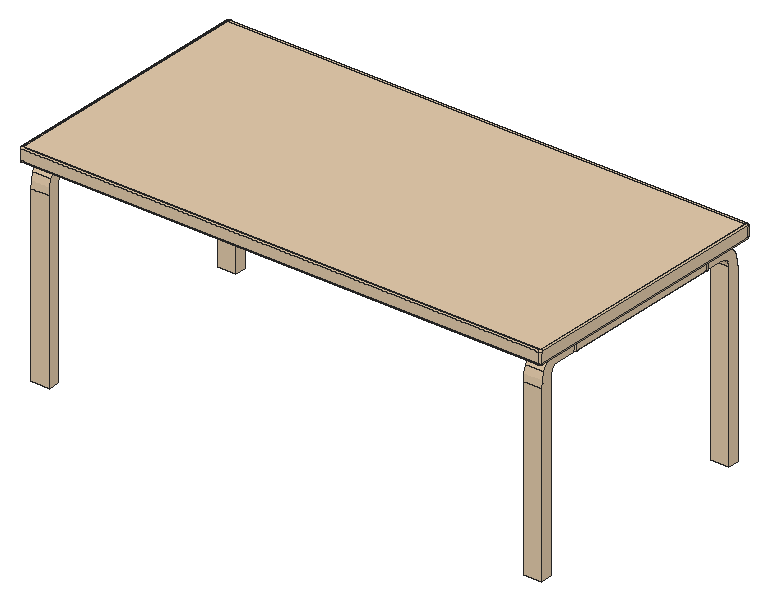
Revit family "Artek_Tables_Aalto Table rectangular_Aalto Table rectangular 83", category Furniture, Revit 2017
Family settings
  OmniClass Number = 23.40.20.14.17.11
  OmniClass Title = Dining Room Tables
  Work Plane-Based = No
  Always vertical = Yes
  Cut with Voids When Loaded = No
  Shared = No
  Room Calculation Point = No
Parameters (values of type "Aalto Table rectangular 83 Birch")
  WarrantyStartDate [instance] = "n/a"
  WarrantyGuarantorParts = "n/a"
  WarrantyGuarantorLabor = "n/a"
  WarrantyDurationUnit = "n/a"
  WarrantyDurationParts = "n/a"
  WarrantyDurationLabor = "n/a"
  WarrantyDescription = "n/a"
  VersionDate = "03/11/2020"  # constant formula
  Version = "1"  # constant formula
  Uniclass2015Reference = "Pr_40_50_21_22"
  Uniclass2015Description = "Dining tables"
  Uniclass2 = "Pr_40_50_21_21"
  URL = "https://www.artek.fi/en/products/aalto-table-rectangular"
  Type Comments = ""
  TagNumber [instance] = "n/a"
  TableSecondaryMaterial = Natural Birch
  TableMainMaterial = Natural Birch
  SustainabilityPerformance = "n/a"
  Style = "n/a"
  Size = "1820x740x910 mm "  # constant formula
  Shape = "Sculptured"
  SerialNumber [instance] = "n/a"
  Revision = "n/a"
  ReplacementCost = "n/a"
  ProductInformation = "n/a"
  NominalLength = 1820 mm
  NominalHeight = 740 mm
  NominalDepth = 910 mm
  Name = "Aalto Table rectangular 83\r\n"  # constant formula
  NBSReference = "45-35-86/327"
  NBSDescription = "Tables"
  ModelReference = "n/a"
  ModelNumber = "28300781"
  Material = "Wood"
  ManufacturerURL = "https://www.artek.fi/"
  ManufacturerName = "Artek"
  Model = "Aalto Table rectangular 83 Birch"
  Manufacturer = "Artek"
  MainColor = "Natural birch"
  InstallationDate [instance] = "n/a"
  IfcExportType = "TABLE"  # constant formula
  IfcExportAs = "IfcFurnishingElementType"  # constant formula
  Grade = "n/a"
  Finish = "n/a"
  Features = "n/a"
  ExpectedLife = "n/a"
  DurationUnit = "n/a"
  Designer = "Alvar Aalto"
  Cost = 0
  ConvergoRefNr = "0190-2009-0014-FI\t\t\r\n"  # constant formula
  Constituents = "n/a"
  Color = MainColor  # "Natural birch"
  CodePerformance = "n/a"
  Barcode [instance] = "n/a"
  AssetIdentifier [instance] = "n/a"
  Category = "Tables"
  Brand = "Artek"
  BIMObjectName = "Artek_Tables_Aalto Table rectangular_Aalto Table rectangular 83\r\n"  # constant formula
  Author = "Convergo AB"  # constant formula
  AssetType = "Movable"
  AccessibilityPerformance = "n/a"
Types (7, lengths in mm): name | TableSecondaryMaterial | TableMainMaterial | ModelNumber | Model | MainColor | Color
  (no name) | Natural Birch | Natural Birch | "28300781" | "Aalto Table rectangular 83 Birch" | "Natural birch" | "Natural birch"
  Aalto Table rectangular 83 Birch | Natural Birch | Natural Birch | "28300781" | "Aalto Table rectangular 83 Birch" | "Natural birch" | "Natural birch"
  Aalto Table rectangular 83 White laminate | Natural Birch | White Laminate | "28300782" | "Aalto Table rectangular 83 White laminate" | "Natural birch" | "Natural birch"
  Aalto Table rectangular 83 Black linoleum | Natural Birch | Black Linoleum | "28300783" | "Aalto Table rectangular 83 Black linoleum" | "Natural birch" | "Natural birch"
  Aalto Table rectangular 83 Linoleum black leg black | Black Linoleum | Black Linoleum | "28300784" | "Aalto Table rectangular 83 Linoleum black leg black" | "Black" | "Black"
  Aalto Table rectangular 83 White HPL leg white | White Laminate | White Laminate | "28300785" | "Aalto Table rectangular 83 White HPL leg white" | "White" | "White"
  Aalto Table rectangular 83 Walnut | Walnut | Walnut | "28300786" | "Aalto Table rectangular 83 Walnut" | "White" | "White"
Reference planes
  plane 1 "Center (Front/Back)": y = 0
  plane 2: z = 0
  plane 3 "Center (Left/Right)": x = 0
  plane 4: x = -910
  plane 5: x = 910
  plane 6: y = -455
  plane 7: y = 455
  plane 8: z = 740
Dimensions and locks
  equal spacing: plane 4, plane 3 "Center (Left/Right)", plane 5
  "NominalLength": plane 4 to plane 5
  equal spacing: plane 7, plane 1 "Center (Front/Back)", plane 6
  "NominalDepth": plane 7 to plane 6
  "NominalHeight": plane 8 to level
  aligned and locked: level to plane 2
Nested families
  nested 1: "83" at (0, 0, 0), Material 1 <- "TableMainMaterial", Material 2 <- "TableSecondaryMaterial", type "83"
    with Material 2 Natural Birch, Material 1 Natural Birch
Definition of nested family "83"
  Parameters (values of type "83")
    Material 2 [instance] = none
    Material 1 [instance] = none
  Reference planes
    plane 1 "Center (Front/Back)": y = 0
    plane 2: z = 0
    plane 3 "Center (Left/Right)": x = 0
    plane 4: x = -910
    plane 5: x = 910
    plane 6: z = 740
    plane 7: z = 693
    plane 8: y = 455
    plane 9: y = -455
  Forms (mm)
    Extrusion 1, solid, material <- "Material 2", detail levels medium+fine
      sketch origin (0, 0, 0) x (1, 0, 0) y (0, 1, 0)
        loop
          arc (-904, 455) -> (-908.243, 453.243) -> (-910, 449) r 6
          line (-910, 449) -> (-910, -449)
          arc (-910, -449) -> (-908.243, -453.243) -> (-904, -455) r 6
          line (-904, -455) -> (904, -455)
          arc (904, -455) -> (908.243, -453.243) -> (910, -449) r 6
          line (910, -449) -> (910, 449)
          arc (910, 449) -> (908.243, 453.243) -> (904, 455) r 6
          line (904, 455) -> (-904, 455)
        loop
          line (-904, 449) -> (-904, -449) -> (904, -449) -> (904, 449) -> (-904, 449)
      from 693 to 740
    Extrusion 2, solid, material <- "Material 1", detail levels coarse
      sketch origin (0, 0, 0) x (1, 0, 0) y (0, 1, 0)
        loop
          line (-910, 455) -> (-910, -455) -> (910, -455) -> (910, 455) -> (-910, 455)
      from 0 to 740
    Sweep 3, void
      path in 3D
        loop
          arc (-904, 455, 740) -> (-908.243, 453.243, 740) -> (-910, 449, 740) r 6
          line (-910, 449, 740) -> (-910, -449, 740)
          arc (-910, -449, 740) -> (-908.243, -453.243, 740) -> (-904, -455, 740) r 6
          line (-904, -455, 740) -> (904, -455, 740)
          arc (904, -455, 740) -> (908.243, -453.243, 740) -> (910, -449, 740) r 6
          line (910, -449, 740) -> (910, 449, 740)
          arc (910, 449, 740) -> (908.243, 453.243, 740) -> (904, 455, 740) r 6
          line (904, 455, 740) -> (-904, 455, 740)
      profile origin (0, 455, 740) x (0, -1, 0) y (0, 0, 1)
        loop
          line (0, 0) -> (0, -5)
          arc (0, -5) -> (1.464, -1.464) -> (5, 0) r 5
          line (5, 0) -> (0, 0)
        loop
          line (0, -47) -> (5, -47)
          arc (5, -47) -> (1.464, -45.536) -> (0, -42) r 5
          line (0, -42) -> (0, -47)
    Extrusion 4, solid, material <- "Material 2", detail levels medium+fine
      sketch origin (-854.5, 97, 0) x (0, 1, 0) y (0, 0, 1)
        loop
          line (183.1, 693) -> (183.1, 658) -> (261, 658)
          arc (261, 658) -> (282.213, 649.213) -> (291, 628) r 30
          line (291, 628) -> (291, 0) -> (330, 0) -> (330, 603.2)
          arc (330, 603.2) -> (327.859, 627.672) -> (321.5, 651.4) r 140.911
          arc (321.5, 651.4) -> (301.996, 679.039) -> (271.183, 693) r 64.479
          line (271.183, 693) -> (183.1, 693)
      from -37.5 to 26.5
    Extrusion 5, solid, material <- "Material 2", detail levels medium+fine
      sketch origin (0, 0, 0) x (1, 0, 0) y (0, 1, 0)
        loop
          line (868, -289) -> (894.5, -289)
          arc (894.5, -289) -> (898.389, -287.389) -> (900, -283.5) r 5.5
          line (900, -283.5) -> (900, 283.5)
          arc (900, 283.5) -> (898.389, 287.389) -> (894.5, 289) r 5.5
          line (894.5, 289) -> (868, 289) -> (868, -289)
        loop
          line (-868, -289) -> (-868, 289.001) -> (-894.5, 289.001)
          arc (-894.5, 289.001) -> (-898.389, 287.39) -> (-900, 283.501) r 5.5
          line (-900, 283.501) -> (-900, -283.5)
          arc (-900, -283.5) -> (-898.389, -287.389) -> (-894.5, -289) r 5.5
          line (-894.5, -289) -> (-868, -289)
      from 661 to 693
    Sweep 6, void
      path in 3D
        loop
          line (868, 289, 661) -> (894.5, 289, 661)
          arc (894.5, 289, 661) -> (898.389, 287.389, 661) -> (900, 283.5, 661) r 5.5
          line (900, 283.5, 661) -> (900, -283.5, 661)
          arc (900, -283.5, 661) -> (898.389, -287.389, 661) -> (894.5, -289, 661) r 5.5
          line (894.5, -289, 661) -> (868, -289, 661)
      profile origin (900, 0, 661) x (-1, 0, 0) y (0, 0, -1)
        loop
          line (0, 0) -> (0, -2)
          arc (0, -2) -> (0.586, -0.586) -> (2, 0) r 2
          line (2, 0) -> (0, 0)
    Sweep 7, void
      path in 3D
        loop
          line (-868, -289, 661) -> (-894.5, -289, 661)
          arc (-894.5, -289, 661) -> (-898.389, -287.389, 661) -> (-900, -283.5, 661) r 5.5
          line (-900, -283.5, 661) -> (-900, 283.501, 661)
          arc (-900, 283.501, 661) -> (-898.389, 287.39, 661) -> (-894.5, 289.001, 661) r 5.5
          line (-894.5, 289.001, 661) -> (-868, 289.001, 661)
      profile origin (-900, 0.001, 661) x (1, 0, 0) y (0, 0, -1)
        loop
          line (0, 0) -> (0, -2)
          arc (0, -2) -> (0.586, -0.586) -> (2, 0) r 2
          line (2, 0) -> (0, 0)
    Extrusion 8, solid, material <- "Material 2", detail levels medium+fine
      sketch origin (0, 0, 0) x (1, 0, 0) y (0, 1, 0)
        loop
          line (-904, -449) -> (904, -449) -> (904, 449) -> (-904, 449) -> (-904, -449)
      from 693 to 740
    Extrusion 9, solid, material <- "Material 2", detail levels medium+fine
      sketch origin (-854.5, -97, 0) x (0, -1, 0) y (0, 0, -1)
        loop
          line (183.1, -693) -> (271.183, -693)
          arc (271.183, -693) -> (301.996, -679.039) -> (321.5, -651.4) r 64.479
          arc (321.5, -651.4) -> (327.859, -627.672) -> (330, -603.2) r 140.911
          line (330, -603.2) -> (330, 0) -> (291, 0) -> (291, -628)
          arc (291, -628) -> (282.213, -649.213) -> (261, -658) r 30
          line (261, -658) -> (183.1, -658) -> (183.1, -693)
      from -37.5 to 26.5
    Extrusion 10, solid, material <- "Material 2", detail levels medium+fine
      sketch origin (854.5, 97, 0) x (0, 1, 0) y (0, 0, -1)
        loop
          line (183.1, -693) -> (271.183, -693)
          arc (271.183, -693) -> (301.996, -679.039) -> (321.5, -651.4) r 64.479
          arc (321.5, -651.4) -> (327.859, -627.672) -> (330, -603.2) r 140.911
          line (330, -603.2) -> (330, 0) -> (291, 0) -> (291, -628)
          arc (291, -628) -> (282.213, -649.213) -> (261, -658) r 30
          line (261, -658) -> (183.1, -658) -> (183.1, -693)
      from -37.5 to 26.5
    Extrusion 11, solid, material <- "Material 2", detail levels medium+fine
      sketch origin (854.5, -97, 0) x (0, -1, 0) y (0, 0, 1)
        loop
          line (183.1, 693) -> (183.1, 658) -> (261, 658)
          arc (261, 658) -> (282.213, 649.213) -> (291, 628) r 30
          line (291, 628) -> (291, 0) -> (330, 0) -> (330, 603.2)
          arc (330, 603.2) -> (327.859, 627.672) -> (321.5, 651.4) r 140.911
          arc (321.5, 651.4) -> (301.996, 679.039) -> (271.183, 693) r 64.479
          line (271.183, 693) -> (183.1, 693)
      from -37.5 to 26.5
  Cuts and joins
    Sweep 6, Sweep 7 cuts Extrusion 5
    Sweep 3 cuts Extrusion 1
  Lines and regions (mm)
    symbolic lines, detail levels medium+fine
      curve 1: line (0, 455, 0) -> (-905, 455, 0)
      curve 2: line (-910, 450, 0) -> (-910, -450, 0)
      curve 3: line (-905, -455, 0) -> (0, -455, 0)
      curve 4: arc (-905, 455, 0) -> (-908.536, 453.536, 0) -> (-910, 450, 0) r 5
      curve 5: arc (-910, -450, 0) -> (-908.536, -453.536, 0) -> (-905, -455, 0) r 5
      curve 6: line (0, 455, 0) -> (905, 455, 0)
      curve 7: line (910, 450, 0) -> (910, -450, 0)
      curve 8: line (905, -455, 0) -> (0, -455, 0)
      curve 9: arc (905, 455, 0) -> (908.536, 453.536, 0) -> (910, 450, 0) r 5
      curve 10: arc (910, -450, 0) -> (908.536, -453.536, 0) -> (905, -455, 0) r 5
      curve 11: line (0, 0, 740) -> (-905, 0, 740)
      curve 12: line (-910, 0, 735) -> (-910, 0, 698)
      curve 13: line (-905, 0, 693) -> (-900, 0, 693)
      curve 14: line (-828, 0, 693) -> (-828, 0, 0)
      curve 15: line (-828, 0, 0) -> (-892, 0, 0)
      curve 16: line (-892, 0, 0) -> (-892, 0, 661)
      curve 17: line (-892, 0, 661) -> (-898, 0, 661)
      curve 21: line (-828, 0, 693) -> (0, 0, 693)
      curve 22: line (0, -450, 740) -> (0, 450, 740)
      curve 23: line (0, 455, 735) -> (0, 455, 698)
      curve 24: line (0, 450, 693) -> (0, 368.183, 693)
      curve 33: arc (0, 450, 740) -> (0, 453.536, 738.536) -> (0, 455, 735) r 5
      curve 34: arc (0, 455, 698) -> (0, 453.536, 694.464) -> (0, 450, 693) r 5
      curve 35: arc (-905, 0, 740) -> (-908.536, 0, 738.536) -> (-910, 0, 735) r 5
      curve 36: arc (-910, 0, 698) -> (-908.536, 0, 694.464) -> (-905, 0, 693) r 5
      curve 37: line (0, 427, 603.2) -> (0, 427, 0)
      curve 38: line (0, 427, 0) -> (0, 388, 0)
      curve 39: line (0, 388, 0) -> (0, 388, 628)
      curve 40: line (0, 358, 658) -> (0, 280.1, 658)
      curve 41: line (0, 280.1, 658) -> (0, 280.1, 661)
      curve 45: line (0, -280.1, 661) -> (0, 280.1, 661)
      curve 46: line (-900, 0, 663) -> (-900, 0, 693)
      curve 47: arc (-898, 0, 661) -> (-899.414, 0, 661.586) -> (-900, 0, 663) r 2
      curve 54: line (0, 0, 740) -> (905, 0, 740)
      curve 55: line (828, 0, 693) -> (0, 0, 693)
      curve 61: line (910, 0, 735) -> (910, 0, 698)
      curve 62: line (905, 0, 693) -> (900, 0, 693)
      curve 63: line (828, 0, 693) -> (828, 0, 0)
      curve 64: line (828, 0, 0) -> (892, 0, 0)
      curve 65: line (892, 0, 0) -> (892, 0, 661)
      curve 66: line (892, 0, 661) -> (898, 0, 661)
      curve 70: arc (905, 0, 740) -> (908.536, 0, 738.536) -> (910, 0, 735) r 5
      curve 71: arc (910, 0, 698) -> (908.536, 0, 694.464) -> (905, 0, 693) r 5
      curve 72: line (900, 0, 663) -> (900, 0, 693)
      curve 73: arc (898, 0, 661) -> (899.414, 0, 661.586) -> (900, 0, 663) r 2
      curve 74: arc (0, 418.5, 651.4) -> (0, 424.859, 627.672) -> (0, 427, 603.2) r 140.911
      curve 75: arc (0, 368.183, 693) -> (0, 398.996, 679.039) -> (0, 418.5, 651.4) r 64.479
      curve 76: arc (0, 388, 628) -> (0, 379.213, 649.213) -> (0, 358, 658) r 30
      curve 77: line (0, -455, 735) -> (0, -455, 698)
      curve 78: line (0, -450, 693) -> (0, -368.183, 693)
      curve 79: arc (0, -450, 740) -> (0, -453.536, 738.536) -> (0, -455, 735) r 5
      curve 80: arc (0, -455, 698) -> (0, -453.536, 694.464) -> (0, -450, 693) r 5
      curve 81: line (0, -427, 603.2) -> (0, -427, 0)
      curve 82: line (0, -427, 0) -> (0, -388, 0)
      curve 83: line (0, -388, 0) -> (0, -388, 628)
      curve 84: line (0, -358, 658) -> (0, -280.1, 658)
      curve 85: line (0, -280.1, 658) -> (0, -280.1, 661)
      curve 89: arc (0, -418.5, 651.4) -> (0, -424.859, 627.672) -> (0, -427, 603.2) r 140.911
      curve 90: arc (0, -368.183, 693) -> (0, -398.996, 679.039) -> (0, -418.5, 651.4) r 64.479
      curve 91: arc (0, -388, 628) -> (0, -379.213, 649.213) -> (0, -358, 658) r 30
    symbolic lines, detail levels fine
      curve 18: line (-892, 0, 661) -> (-892, 0, 693)
      curve 19: line (-900, 0, 693) -> (-892, 0, 693)
      curve 20: line (-892, 0, 693) -> (-828, 0, 693)
      curve 42: line (0, -368.183, 693) -> (0, 368.183, 693)
      curve 43: line (0, 289.001, 663) -> (0, 289.001, 693)
      curve 44: line (0, 280.1, 661) -> (0, 287.001, 661)
      curve 53: arc (0, 289.001, 663) -> (0, 288.415, 661.586) -> (0, 287.001, 661) r 2
      curve 67: line (892, 0, 661) -> (892, 0, 693)
      curve 68: line (900, 0, 693) -> (892, 0, 693)
      curve 69: line (892, 0, 693) -> (828, 0, 693)
      curve 86: line (0, -289, 663) -> (0, -289, 693)
      curve 87: line (0, -280.1, 661) -> (0, -287, 661)
      curve 88: arc (0, -289, 663) -> (0, -288.414, 661.586) -> (0, -287, 661) r 2
    sketch lines
      curve 25: line (904, 455, 740) -> (-904, 455, 740)
      curve 26: arc (-910, 449, 740) -> (-908.243, 453.243, 740) -> (-904, 455, 740) r 6
      curve 27: line (-910, 449, 740) -> (-910, -449, 740)
      curve 28: arc (-904, -455, 740) -> (-908.243, -453.243, 740) -> (-910, -449, 740) r 6
      curve 29: line (-904, -455, 740) -> (904, -455, 740)
      curve 30: arc (904, 455, 740) -> (908.243, 453.243, 740) -> (910, 449, 740) r 6
      curve 31: line (910, -449, 740) -> (910, 449, 740)
      curve 32: arc (910, -449, 740) -> (908.243, -453.243, 740) -> (904, -455, 740) r 6
      curve 48: line (900, 283.5, 661) -> (900, -283.5, 661)
      curve 49: arc (900, 283.5, 661) -> (898.389, 287.389, 661) -> (894.5, 289, 661) r 5.5
      curve 50: line (868, 289, 661) -> (894.5, 289, 661)
      curve 51: arc (894.5, -289, 661) -> (898.389, -287.389, 661) -> (900, -283.5, 661) r 5.5
      curve 52: line (894.5, -289, 661) -> (868, -289, 661)
      curve 56: line (-900, -283.5, 661) -> (-900, 283.501, 661)
      curve 57: arc (-894.5, 289.001, 661) -> (-898.389, 287.39, 661) -> (-900, 283.501, 661) r 5.5
      curve 58: line (-894.5, 289.001, 661) -> (-868, 289.001, 661)
      curve 59: arc (-900, -283.5, 661) -> (-898.389, -287.389, 661) -> (-894.5, -289, 661) r 5.5
      curve 60: line (-868, -289, 661) -> (-894.5, -289, 661)
  Dimensions and locks
    plane 6 to level = 740 mm
    aligned and locked: level to plane 2
